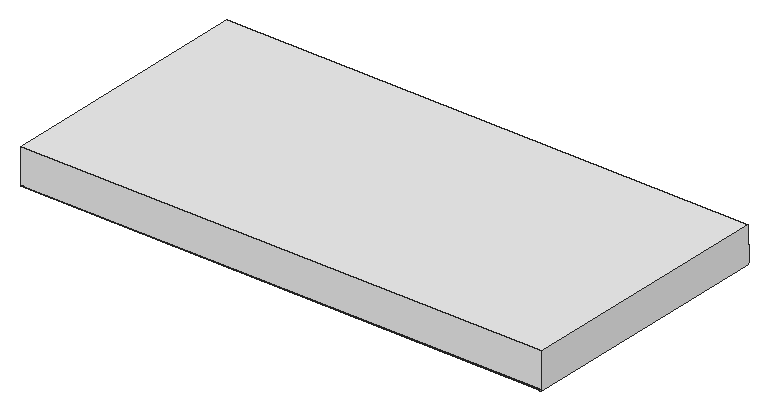
Revit family "MD3-ALTO", category Lighting Fixtures, host Ceiling, Revit 2023
Family settings
  Host = Ceiling
  Round Connector Dimension = Use Diameter
  Part Type = Normal
  OmniClass Number = 23.80.70.11.14.17
  OmniClass Title = Direct/Indirect
  Always vertical = Yes
  Cut with Voids When Loaded = No
  Light Source = Yes
  Maintain Annotation Orientation = No
  Shared = No
  Room Calculation Point = No
Parameters (values of type "MD3-ALTO2X4-LED840K050L_070LUNV (AMBIENT + EXAM ON)")
  Width = 1' - 11 3/4"
  Wattage = 89 W
  built-in parameter 1150110 = 1 (stored number, unit not read)
  Voltage = 120 V
  URL = "https://viscor.com/products/md-3-alto"
  built-in parameter 1114217 = 0.9 (stored number, unit not read)
  Tilt Angle = 90.00°
  built-in parameter 1150109 = 1 (stored number, unit not read)
  built-in parameter 1150134 = 12
  built-in parameter 1150113 = 1 (stored number, unit not read)
  Photometric Web File = "MD3-ALTO2X4-LED840K050L_070LUNV (AMBIENT + EXAM ON).ies"
  Model = "MD3-ALT0"  # constant formula
  Manufacturer = "CERTOLUX A DIVISION OF VISCOR"  # constant formula
  Lumens = 12075.5 lm
  built-in parameter 1150115 = 1 (stored number, unit not read)
  built-in parameter 1150105 = 960.94 (stored number, unit not read)
  built-in parameter 1150137 = (empty or 0)
  built-in parameter 1150139 = (empty or 0)
  Lens Finish = Acrylic - Viscor - Frosted White
  Lens Depth = 0' - 0 5/8"
  Length = 3' - 11 3/4"
  Lamp Wattage = 89 VA
  built-in parameter 1150112 = 1 (stored number, unit not read)
  built-in parameter 1150114 = 1 (stored number, unit not read)
  Lamp = "LED"  # constant formula
  built-in parameter 1150132 = (empty or 0)
  built-in parameter 1150102 = (empty or 0)
  built-in parameter 1150138 = (empty or 0)
  built-in parameter 1150107 = 4000 (stored number, unit not read)
  built-in parameter 1150106 = 9.6094 (stored number, unit not read)
  Housing Finish = Metal - Viscor - White
  Emit from Rectangle Width = Width  # 1' - 11 3/4"
  Emit from Rectangle Length = Length  # 3' - 11 3/4"
  Emit from Rectangle Height = Lens Depth  # 0' - 0 5/8"
  Emit Shape Visible in Rendering = no
  built-in parameter 1150104 = 12.605 (stored number, unit not read)
  Dimming Lamp Color Temperature Shift = <None>
  Description = "Patient Room Luminaire with Ambient, Exam and Reading Functions"  # constant formula
  Default Elevation = 0' - 0"
  Color Filter = 16777215
  built-in parameter 1114218 = 1 (stored number, unit not read)
  built-in parameter 1150133 = 10 (stored number, unit not read)
  Assembly Code = "D5020200"
  Apparent Load = Lamp Wattage  # 89 VA
Types (17): name | Wattage | Photometric Web File | Lumens | built-in parameter 1150105 | Lamp Wattage | built-in parameter 1150106 | built-in parameter 1150104 | Apparent Load
  (no name) | 89 W | "MD3-ALTO2X4-LED840K050L_070LUNV (AMBIENT + EXAM ON).ies" | 12075.5 lm | 960.94 (stored number, unit not read) | 89 VA | 9.6094 (stored number, unit not read) | 12.605 (stored number, unit not read) | 89 VA
  MD3-ALTO2X4-LED840K030LUNV (AMBIENT ONLY) | 24 W | "MD3-ALTO2X4-LED840K030LUNV (AMBIENT ONLY).ies" | 3010.08 lm | 239.53 (stored number, unit not read) | 24 VA | 2.3953 (stored number, unit not read) | 11.652 (stored number, unit not read) | 24 VA
  MD3-ALTO2X4-LED840K036LUNV (AMBIENT ONLY) | 29 W | "MD3-ALTO2X4-LED840K036LUNV (AMBIENT ONLY).ies" | 3610.5 lm | 287.31 (stored number, unit not read) | 29 VA | 2.8731 (stored number, unit not read) | 11.566 (stored number, unit not read) | 29 VA
  MD3-ALTO2X4-LED840K040LUNV (AMBIENT ONLY) | 34 W | "MD3-ALTO2X4-LED840K040LUNV (AMBIENT ONLY).ies" | 4204.1 lm | 334.55 (stored number, unit not read) | 34 VA | 3.3455 (stored number, unit not read) | 11.487 (stored number, unit not read) | 34 VA
  MD3-ALTO2X4-LED840K050LUNV (AMBIENT ONLY) | 41 W | "MD3-ALTO2X4-LED840K050LUNV (AMBIENT ONLY).ies" | 5045.05 lm | 401.47 (stored number, unit not read) | 41 VA | 4.0147 (stored number, unit not read) | 11.432 (stored number, unit not read) | 41 VA
  MD3-ALTO2X4-LED840K036LUNV (EXAM ONLY) | 24 W | "MD3-ALTO2X4-LED840K036LUNV (EXAM ONLY).ies" | 3607.92 lm | 287.11 (stored number, unit not read) | 24 VA | 2.8711 (stored number, unit not read) | 13.966 (stored number, unit not read) | 24 VA
  MD3-ALTO2X4-LED840K040LUNV (EXAM ONLY) | 28 W | "MD3-ALTO2X4-LED840K040LUNV (EXAM ONLY).ies" | 4177.04 lm | 332.4 (stored number, unit not read) | 28 VA | 3.324 (stored number, unit not read) | 13.859 (stored number, unit not read) | 28 VA
  MD3-ALTO2X4-LED840K050LUNV (EXAM ONLY) | 34 W | "MD3-ALTO2X4-LED840K050LUNV (EXAM ONLY).ies" | 5012.28 lm | 398.86 (stored number, unit not read) | 34 VA | 3.9886 (stored number, unit not read) | 13.696 (stored number, unit not read) | 34 VA
  MD3-ALTO2X4-LED840K060LUNV (EXAM ONLY) | 41 W | "MD3-ALTO2X4-LED840K060LUNV (EXAM ONLY).ies" | 6058.16 lm | 482.09 (stored number, unit not read) | 41 VA | 4.8209 (stored number, unit not read) | 13.727 (stored number, unit not read) | 41 VA
  MD3-ALTO2X4-LED840K070LUNV (EXAM ONLY) | 48 W | "MD3-ALTO2X4-LED840K070LUNV (EXAM ONLY).ies" | 7030.08 lm | 559.44 (stored number, unit not read) | 48 VA | 5.5944 (stored number, unit not read) | 13.607 (stored number, unit not read) | 48 VA
  MD3-ALTO2X4-LED840K030L_036LUNV (AMBIENT + EXAM ON) | 48 W | "MD3-ALTO2X4-LED840K030L_036LUNV (AMBIENT + EXAM ON).ies" | 6618.24 lm | 526.66 (stored number, unit not read) | 48 VA | 5.2666 (stored number, unit not read) | 12.809 (stored number, unit not read) | 48 VA
  MD3-ALTO2X4-LED840K036L_036LUNV (AMBIENT + EXAM ON) | 53 W | "MD3-ALTO2X4-LED840K036L_036LUNV (AMBIENT + EXAM ON).ies" | 7220.19 lm | 574.56 (stored number, unit not read) | 53 VA | 5.7456 (stored number, unit not read) | 12.656 (stored number, unit not read) | 53 VA
  MD3-ALTO2X4-LED840K040L_040LUNV (AMBIENT + EXAM ON) | 62 W | "MD3-ALTO2X4-LED840K040L_040LUNV (AMBIENT + EXAM ON).ies" | 8381.16 lm | 666.95 (stored number, unit not read) | 62 VA | 6.6695 (stored number, unit not read) | 12.559 (stored number, unit not read) | 62 VA
  MD3-ALTO2X4-LED840K040L_050LUNV (AMBIENT + EXAM ON) | 68 W | "MD3-ALTO2X4-LED840K040L_050LUNV (AMBIENT + EXAM ON).ies" | 9216.04 lm | 733.39 (stored number, unit not read) | 68 VA | 7.3339 (stored number, unit not read) | 12.591 (stored number, unit not read) | 68 VA
  MD3-ALTO2X4-LED840K040L_060LUNV  (AMBIENT + EXAM ON) | 75 W | "MD3-ALTO2X4-LED840K040L_060LUNV  (AMBIENT + EXAM ON).ies" | 10262.3 lm | 816.64 (stored number, unit not read) | 75 VA | 8.1664 (stored number, unit not read) | 12.712 (stored number, unit not read) | 75 VA
  MD3-ALTO2X4-LED840K050L_060LUNV (AMBIENT + EXAM ON) | 82 W | "MD3-ALTO2X4-LED840K050L_060LUNV (AMBIENT + EXAM ON).ies" | 11103.6 lm | 883.6 (stored number, unit not read) | 82 VA | 8.836 (stored number, unit not read) | 12.58 (stored number, unit not read) | 82 VA
  MD3-ALTO2X4-LED840K050L_070LUNV (AMBIENT + EXAM ON) | 89 W | "MD3-ALTO2X4-LED840K050L_070LUNV (AMBIENT + EXAM ON).ies" | 12075.5 lm | 960.94 (stored number, unit not read) | 89 VA | 9.6094 (stored number, unit not read) | 12.605 (stored number, unit not read) | 89 VA
Reference planes (in)
  plane 1 "Light Source Axis (F/B)": y = 0
  plane 2 "Ceiling": z = 96
  plane 3 "Light Source Axis (L/R)": x = 0
  plane 4 "Light Source Elevation": z = 95.375
  plane 5: y = 11.875
  plane 6: y = -11.875
  plane 7: x = -23.875
  plane 8: x = 23.875
  plane 9 "Lens Depth": z = 95.375
  plane 10: x = -23.46875
  plane 11: x = 23.46875
  plane 12: x = -23.40625
  plane 13: x = 23.40625
Forms (in)
  Extrusion 1, solid, material "Metal - Viscor - White" <- "Housing Finish"
    sketch origin (0, 0, -0.125) x (0, 1, 0) y (0, 0, 1)
      loop
        line (-11.783, 96) -> (11.783, 96)
        arc (11.783, 96) -> (11.82684, 96.01816) -> (11.845, 96.062) r 0.062
        line (11.845, 96.062) -> (11.845, 99.25) -> (-11.845, 99.25) -> (-11.845, 96.062)
        arc (-11.845, 96.062) -> (-11.82684, 96.01816) -> (-11.783, 96) r 0.062
    from -23.875 to 23.875
  Extrusion 2, void
    sketch origin (0, 0, 96) x (1, 0, 0) y (0, 1, 0)
      loop
        line (19.04387, 10.47) -> (-19.04387, 10.47)
        arc (-19.04387, 10.47) -> (-21.35604, 9.33853) -> (-22.5, 7.0325) r 4
        line (-22.5, 7.0325) -> (-22.5, -7.0325)
        arc (-22.5, -7.0325) -> (-21.35604, -9.33853) -> (-19.04387, -10.47) r 4
        line (-19.04387, -10.47) -> (19.04387, -10.47)
        arc (19.04387, -10.47) -> (21.35604, -9.33853) -> (22.5, -7.0325) r 4
        line (22.5, -7.0325) -> (22.5, 7.0325)
        arc (22.5, 7.0325) -> (21.35604, 9.33853) -> (19.04387, 10.47) r 4
    from -0.125 to 1.24401
Cuts and joins
  Extrusion 2 cuts Extrusion 1
Dimensions and locks (in)
  equal spacing: host sketch curve, plane 3 "Light Source Axis (L/R)", host sketch curve
  equal spacing: host sketch curve, plane 1 "Light Source Axis (F/B)", host sketch curve
  host sketch curve to host sketch curve = 10' - 0"  (x2)
  equal spacing: plane 7, plane 3 "Light Source Axis (L/R)", plane 8
  "Length": plane 7 to plane 8
  equal spacing: plane 5, plane 1 "Light Source Axis (F/B)", plane 6
  "Width": plane 5 to plane 6
  "Emit from Rectangle Height": plane 4 "Light Source Elevation" to plane 2 "Ceiling"
  "Lens Depth": plane 2 "Ceiling" to plane 9 "Lens Depth"
  locked: plane 7 to plane 10 at 0.40625
  locked: plane 11 to plane 8 at 0.40625
  locked: plane 7 to plane 12 at 0.46875
  locked: plane 13 to plane 8 at 0.46875
  aligned and locked: plane 3 "Light Source Axis (L/R)" to imposter light
  aligned and locked: plane 1 "Light Source Axis (F/B)" to imposter light
  aligned and locked: plane 4 "Light Source Elevation" to imposter light
  aligned and locked: Extrusion 1 to plane 7
  aligned and locked: plane 8 to Extrusion 1
Automatic sketch dimensions
  Extrusion 1 sketch curve to plane 2 "Ceiling" = 0' - 0 1/8"
  Extrusion 1 sketch curve to plane 5 = 0' - 0.092"
  Extrusion 1 sketch curve to plane 2 "Ceiling" = 0' - 0.063"  (x2)
  Extrusion 1 sketch curve to Extrusion 1 sketch curve = 0' - 3.188"
  plane 6 to Extrusion 1 sketch curve = 0' - 0.03"
  plane 12 to Extrusion 2 sketch curve = 0' - 0 29/32"
  Extrusion 2 sketch curve to plane 5 = 0' - 1.405"
  plane 12 to Extrusion 2 sketch curve = 0' - 4.36238"
  Extrusion 2 sketch curve to Extrusion 2 sketch curve = 0' - 3.96473"
  Extrusion 2 sketch curve to plane 13 = 0' - 4.87098"  (x2)
  plane 6 to Extrusion 2 sketch curve = 0' - 1.405"
  Extrusion 2 sketch curve to Extrusion 2 sketch curve = 0' - 0.50859"  (x3)
  Extrusion 2 sketch curve to plane 13 = 0' - 0 29/32"
  plane 6 to Extrusion 2 sketch curve = 0' - 4.8425"
  Extrusion 2 sketch curve to Extrusion 2 sketch curve = 0' - 3.96753"  (x3)
  Extrusion 2 sketch curve to Extrusion 2 sketch curve = 0' - 3.45613"
Connectors (in)
  electrical at (0, 0, 96), driven by "Voltage", driven by "Apparent Load"
    settings: index 1, voltage 120 V, apparent load 0 VA, apparent load phase1 89 VA, apparent load phase2 0 VA, apparent load phase3 0 VA, power factor 1, load classification "Other", number of poles 1, system type 31, power factor state 1, is connector primary yes, connector utility no, sub classification motor no, connector description ""
